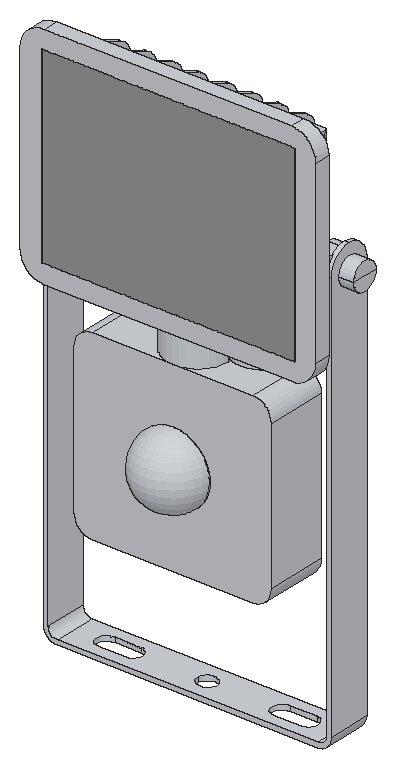
Revit family "00", category Lighting Fixtures, Revit 2017
Family settings
  Round Connector Dimension = Use Diameter
  Part Type = Normal
  OmniClass Number = 23.80.70.00
  OmniClass Title = Lighting
  Work Plane-Based = No
  Always vertical = Yes
  Cut with Voids When Loaded = No
  Light Source = Yes
  Shared = No
  Room Calculation Point = No
Parameters (values of type "0050129 ST FLD FLT IP54 PIR 950LM 830 BK")
  Weight = "2.85 kg"
  Wattage = 10 W
  WarrantyStartDate [instance] = "n/a"
  WarrantyGuarantorParts = "n/a"
  WarrantyDurationUnit = "n/a"
  WarrantyDurationParts = "n/a"
  WarrantyDescription = "n/a"
  built-in parameter 1150110 = 1 (stored number, unit not read)
  Voltage = 0 V
  URL = "http://www.sylvania-lighting.com"
  TypeName = "Start Flood Flat IP54 PIR 950LM 830 Black"
  built-in parameter 1114217 = 1 (stored number, unit not read)
  Tilt Angle = 0.00°
  built-in parameter 1150109 = 1 (stored number, unit not read)
  built-in parameter 1150134 = (empty or 0)
  built-in parameter 1150113 = 1 (stored number, unit not read)
  SerialNumber [instance] = "n/a"
  PowerFactor = 0.9
  PowerConsumption = "10.0 W"
  Photometric Web File = "0050129.ies"
  NominalWidth = 0 mm
  NominalLength = 190 mm
  NominalHeight = 52 mm
  Name = "Start Flood Flat IP54 PIR 950LM 830 Black"
  ModelReference = "Start Flood Flat IP54 PIR 950LM 830 Black"
  ModelNumber = "0050129"
  Model = "Start Flood Flat IP54 PIR 950LM 830 Black"
  Material_4_FEILO = none
  Material_3_FEILO = none
  Material_2_FEILO = Default New Material
  Material_1_FEILO = none
  Material = "n/a"
  ManufacturerName = "Feilo Sylvania"
  Manufacturer = "Feilo Sylvania"
  LuminousEfficacy = "95 lm/W"
  Lumens = 950 lm
  LuminaireType = ""
  built-in parameter 1150115 = 1 (stored number, unit not read)
  built-in parameter 1150105 = -350892 (stored number, unit not read)
  LightOutputRatio = "n/a"
  built-in parameter 1150137 = (empty or 0)
  built-in parameter 1150139 = (empty or 0)
  LampsType = "LED"
  LampNominalLuminous = "950 lm"
  LampMacAdamStep = "5"
  LampColourTemperature = "3000 K"
  LampColourRenderingIndex = "80"
  built-in parameter 1150112 = 1 (stored number, unit not read)
  built-in parameter 1150114 = 1 (stored number, unit not read)
  Lamp = "LED"
  LUM_WIDTH_SYL = if([0_18W_SYL], 57 mm, 48 mm)  # 48 mm
  LUM_HEIGHT_SYL = if([0_18W_SYL], 43 mm, 37 mm)  # 37 mm
  LUM_EXTR_ST_SYL = -5 mm
  LUM_EXTR_END_SYL = 0 mm
  LUM_DEPTH_SYL = 22 mm
  Keynote = "16500"
  InstallationDate [instance] = "n/a"
  InputVoltage = "n/a"
  InputNominalFrequency = "n/a"
  built-in parameter 1150132 = 2
  built-in parameter 1150102 = (empty or 0)
  built-in parameter 1150138 = (empty or 0)
  built-in parameter 1150107 = 3000 (stored number, unit not read)
  IngressProtection = "IP65"
  ImpactProtectionIndex = "IK06"
  built-in parameter 1150106 = -3508.9 (stored number, unit not read)
  IfcExportType = "IfcLightFixtureType"
  IfcExportAs = "IfcLightFixtureType"
  ElectricShockClassification = "Class I"
  built-in parameter 1150104 = 8.8258 (stored number, unit not read)
  DocumentationLiterature = "http://www.sylvania-lighting.com/product/en-int/products/0050129"
  DimmingControlOptions = "n/a"
  Dimming Lamp Color Temperature Shift = <None>
  DIF_WIDTH_SYL = if([0_18W_SYL], 49 mm, 41 mm)  # 41 mm
  DIF_HEIGHT_SYL = if([0_18W_SYL], 36 mm, 31 mm)  # 31 mm
  CreatedOn = "12/2/2020"
  CreatedBy = "@sylvania-lighting.com"
  Color Filter = 16777215
  ClassificationValue = "EF_70_80"
  ClassificationName = "Uniclass2015"
  CABLE_SIDE_DIST_SYL = 28.5 mm
  CABLE_LENGTH_SYL = 5 mm
  CABLE_FRONT_DIST_SYL = 14 mm
  CABLES_DIST_SYL = 39 mm
  BarCode [instance] = "n/a"
  built-in parameter 1114218 = 1 (stored number, unit not read)
  B_RAIL_R_DIST_SYL = 7 mm
  B_RAIL_HEIGHT_SYL = 21 mm
  B_RAIL_DEPTH_SYL = 44 mm
  B_RAIL_CHAMFER_SYL = 7 mm
  BRACKET_HOLDER_WIDTH_SYL = 12 mm
  BRACKET_HOLDER_HEIGHT_SYL = 15 mm
  BRACKET_HOLDER_DIST_SIDE_SYL = 2.8 mm
  BRACKET_HOLDER_DIST_BOTT_SYL = 22 mm
  BRACKET_HOLDER_DEPTH_SYL = 5.7 mm
  BOX_WIDTH_SYL = 36.5 mm
  BOX_TOP_DIST_SYL = 10.5 mm
  BOX_DEPTH_SYL = 13 mm
  BOX_BOTT_DIST_SYL = 28 mm
  BACK_RAIL_WIDTH_SYL = 1.4 mm
  BACK_RAIL_SIDE_DIST_SYL = 17.4 mm
  BACK_PL_EXTR_ST_SYL = -6 mm
  BACK_PL_EXTR_ST(-1)_SYL = BACK_PL_EXTR_ST_SYL * (-1)  # 6 mm
  BACK_PL_EXTR_END_SYL = -3 mm
  BACK_PL_EXTR_END(-1)_SYL = BACK_PL_EXTR_END_SYL * (-1)  # 3 mm
  built-in parameter 1150133 = 10 (stored number, unit not read)
  AssetType = "Fixed"
  AssetIdentifier [instance] = "n/a"
  Assembly Code = "D5020200"
  Apparent Load = 10 VA
  0_18W_SYL = no
Types (4, lengths in mm): name | TypeName | built-in parameter 1150134 | Photometric Web File | Name | ModelReference | ModelNumber | Model | LuminousEfficacy | Lumens | built-in parameter 1150105 | LampNominalLuminous | LampColourTemperature | built-in parameter 1150107 | built-in parameter 1150106 | built-in parameter 1150104 | DocumentationLiterature
  0050132 ST FLD FLT IP54 PIR 1000LM 840 WH | "Start Flood Flat IP54 PIR 1000LM 840 White" | 12 | "0050132.ies" | "Start Flood Flat IP54 PIR 1000LM 840 White" | "Start Flood Flat IP54 PIR 1000LM 840 White" | "0050132" | "Start Flood Flat IP54 PIR 1000LM 840 White" | "100 lm/W" | 1000 lm | -388800 (stored number, unit not read) | "1000 lm" | "4000 K" | 4000 (stored number, unit not read) | -3888 (stored number, unit not read) | 9.2903 (stored number, unit not read) | "http://www.sylvania-lighting.com/product/en-int/products/0050132"
  0050131 ST FLD FLT IP54 PIR 950LM 830 WH | "Start Flood Flat IP54 PIR 950LM 830 White" | (empty or 0) | "0050131.ies" | "Start Flood Flat IP54 PIR 950LM 830 White" | "Start Flood Flat IP54 PIR 950LM 830 White" | "0050131" | "Start Flood Flat IP54 PIR 950LM 830 White" | "95 lm/W" | 950 lm | -350892 (stored number, unit not read) | "950 lm" | "3000 K" | 3000 (stored number, unit not read) | -3508.9 (stored number, unit not read) | 8.8258 (stored number, unit not read) | "http://www.sylvania-lighting.com/product/en-int/products/0050131"
  0050130 ST FLD FLT IP54 PIR 1000LM 840 BK | "Start Flood Flat IP54 PIR 1000LM 840 Black" | 12 | "0050130.ies" | "Start Flood Flat IP54 PIR 1000LM 840 Black" | "Start Flood Flat IP54 PIR 1000LM 840 Black" | "0050130" | "Start Flood Flat IP54 PIR 1000LM 840 Black" | "100 lm/W" | 1000 lm | -388800 (stored number, unit not read) | "1000 lm" | "4000 K" | 4000 (stored number, unit not read) | -3888 (stored number, unit not read) | 9.2903 (stored number, unit not read) | "http://www.sylvania-lighting.com/product/en-int/products/0050130"
  0050129 ST FLD FLT IP54 PIR 950LM 830 BK | "Start Flood Flat IP54 PIR 950LM 830 Black" | (empty or 0) | "0050129.ies" | "Start Flood Flat IP54 PIR 950LM 830 Black" | "Start Flood Flat IP54 PIR 950LM 830 Black" | "0050129" | "Start Flood Flat IP54 PIR 950LM 830 Black" | "95 lm/W" | 950 lm | -350892 (stored number, unit not read) | "950 lm" | "3000 K" | 3000 (stored number, unit not read) | -3508.9 (stored number, unit not read) | 8.8258 (stored number, unit not read) | "http://www.sylvania-lighting.com/product/en-int/products/0050129"
Reference planes
  plane 1 "Light Source Axis (F/B)": y = 0
  plane 2: z = 0
  plane 3 "Light Source Axis (L/R)": x = 0
  plane 4 "Light Source Elevation": z = -0.469
  plane 5: x = 48
  plane 6: x = -48
  plane 7: z = 37
  plane 8: z = -37
  plane 9: x = 41
  plane 10: x = -41
  plane 11: z = 31
  plane 12: z = -31
  plane 13: y = 6
  plane 14: y = 3
  plane 15: x = -36.5
  plane 16: x = 36.5
  plane 17: y = 19
  plane 18: z = 26.5
  plane 19: z = -9
  plane 20: y = 22
  plane 21: z = -15
  plane 22: z = -3
  plane 23: y = 21
  plane 24: x = 45.2
  plane 25: x = 39.5
  plane 26: x = 19.5
  plane 27: x = -19.5
  plane 28: y = 14
  plane 29: z = -42
  plane 30: y = 21
  plane 31: z = 35
  plane 32: z = 28
  plane 33: x = 30.6
  plane 34: x = 29.2
  plane 35: x = 22.2
  plane 36: x = 20.8
  plane 37: x = 13.8
  plane 38: x = 12.4
  plane 39: x = 5.4
  plane 40: x = 4
Forms (mm)
  Extrusion 1, solid
    sketch origin (0, 0, 0) x (1, 0, 0) y (0, 0, 1)
      loop
        arc (-40, 37) -> (-45.657, 34.657) -> (-48, 29) r 8
        line (-48, 29) -> (-48, -29)
        arc (-48, -29) -> (-45.657, -34.657) -> (-40, -37) r 8
        line (-40, -37) -> (40, -37)
        arc (40, -37) -> (45.657, -34.657) -> (48, -29) r 8
        line (48, -29) -> (48, 29)
        arc (48, 29) -> (45.657, 34.657) -> (40, 37) r 8
        line (40, 37) -> (-40, 37)
      loop
        line (-41, 31) -> (-41, -31) -> (41, -31) -> (41, 31) -> (-41, 31)
    from -5 <- "LUM_EXTR_ST_SYL" to 0 <- "LUM_EXTR_END_SYL"
  Extrusion 2, solid, material "Default New Material" <- "Material_2_FEILO"
    sketch origin (0, 0, 0) x (1, 0, 0) y (0, 0, 1)
      loop
        line (-41, 31) -> (-41, -31) -> (41, -31) -> (41, 31) -> (-41, 31)
    from -3 <- "BACK_PL_EXTR_END_SYL" to 0 <- "LUM_EXTR_END_SYL"
  Extrusion 3, solid
    sketch origin (0, 0, 0) x (1, 0, 0) y (0, 0, 1)
      loop
        line (41, 31) -> (-41, 31) -> (-41, -31) -> (41, -31) -> (41, 31)
    from -6 <- "BACK_PL_EXTR_ST_SYL" to -3 <- "BACK_PL_EXTR_END_SYL"
  Extrusion 4, solid
    sketch origin (0, 0, 0) x (1, 0, 0) y (0, 1, 0)
      loop
        arc (-35.5, 19) -> (-36.207, 18.707) -> (-36.5, 18) r 1
        line (-36.5, 18) -> (-36.5, 6) -> (36.5, 6) -> (36.5, 18)
        arc (36.5, 18) -> (36.207, 18.707) -> (35.5, 19) r 1
        line (35.5, 19) -> (-35.5, 19)
    from -9 to 26.5
  Extrusion 5, solid
    sketch origin (0, 0, 0) x (1, 0, 0) y (0, 1, 0)
      loop
        arc (-28.5, 22) -> (-34.157, 19.657) -> (-36.5, 14) r 8
        line (-36.5, 14) -> (-36.5, 6) -> (36.5, 6) -> (36.5, 14)
        arc (36.5, 14) -> (34.157, 19.657) -> (28.5, 22) r 8
        line (28.5, 22) -> (-28.5, 22)
    from -31 to -9
  Extrusion 6, solid
    sketch origin (0, 0, 0) x (0, 1, 0) y (0, 0, 1)
      loop
        line (6, -3) -> (6, -15) -> (15, -15)
        arc (15, -15) -> (19.243, -13.243) -> (21, -9) r 6
        arc (21, -9) -> (19.243, -4.757) -> (15, -3) r 6
        line (15, -3) -> (6, -3)
      loop
        circle (15, -9) r 2.5
    from 39.5 to 45.2
  Extrusion 7, solid
    sketch origin (0, 0, 0) x (0, 1, 0) y (0, 0, -1)
      loop
        line (6, 3) -> (15, 3)
        arc (15, 3) -> (19.243, 4.757) -> (21, 9) r 6
        arc (21, 9) -> (19.243, 13.243) -> (15, 15) r 6
        line (15, 15) -> (6, 15) -> (6, 3)
      loop
        circle (15, 9) r 2.5
    from 39.5 to 45.2
  Extrusion 8, solid
    sketch origin (0, 0, 0) x (1, 0, 0) y (0, 1, 0)
      loop
        circle (-19.5, 14) r 7
      loop
        circle (19.5, 14) r 9
    from -42 to -31
  Extrusion 9, solid
    sketch origin (0, 0, 0) x (0, 1, 0) y (0, 0, 1)
      loop
        line (5, -9) -> (21, -9) -> (21, 24.73)
        arc (21, 24.73) -> (20.185, 27.467) -> (18.004, 29.311) r 5
        line (18.004, 29.311) -> (5, 35) -> (5, 28) -> (5, -9)
    from 29.2 to 30.6
  Extrusion 10, solid
    sketch origin (-1.583, 0.014, 0) x (0, 1, 0) y (0, 0, 1)
      loop
        line (5, -9) -> (21, -9) -> (21, 24.73)
        arc (21, 24.73) -> (20.185, 27.467) -> (18.004, 29.311) r 5
        line (18.004, 29.311) -> (5, 35) -> (5, 28) -> (5, -9)
    from 22.383 to 23.783
  Extrusion 11, solid
    sketch origin (-1.583, 0.014, 0) x (0, 1, 0) y (0, 0, 1)
      loop
        line (5, -9) -> (21, -9) -> (21, 24.73)
        arc (21, 24.73) -> (20.185, 27.467) -> (18.004, 29.311) r 5
        line (18.004, 29.311) -> (5, 35) -> (5, 28) -> (5, -9)
    from 5.583 to 6.983
  Extrusion 12, solid
    sketch origin (-1.583, 0.014, 0) x (0, 1, 0) y (0, 0, 1)
      loop
        line (5, -9) -> (21, -9) -> (21, 24.73)
        arc (21, 24.73) -> (20.185, 27.467) -> (18.004, 29.311) r 5
        line (18.004, 29.311) -> (5, 35) -> (5, 28) -> (5, -9)
    from 13.983 to 15.383
  Extrusion 13, solid
    sketch origin (0, 0, 0) x (0, 1, 0) y (0, 0, -1)
      loop
        line (5, 9) -> (5, -28) -> (5, -35) -> (18.004, -29.311)
        arc (18.004, -29.311) -> (20.185, -27.467) -> (21, -24.73) r 5
        line (21, -24.73) -> (21, 9) -> (5, 9)
    from 29.2 to 30.6
  Extrusion 14, solid
    sketch origin (1.583, 0.014, 0) x (0, 1, 0) y (0, 0, -1)
      loop
        line (5, 9) -> (5, -28) -> (5, -35) -> (18.004, -29.311)
        arc (18.004, -29.311) -> (20.185, -27.467) -> (21, -24.73) r 5
        line (21, -24.73) -> (21, 9) -> (5, 9)
    from 22.383 to 23.783
  Extrusion 15, solid
    sketch origin (1.583, 0.014, 0) x (0, 1, 0) y (0, 0, -1)
      loop
        line (5, 9) -> (5, -28) -> (5, -35) -> (18.004, -29.311)
        arc (18.004, -29.311) -> (20.185, -27.467) -> (21, -24.73) r 5
        line (21, -24.73) -> (21, 9) -> (5, 9)
    from 13.983 to 15.383
  Extrusion 16, solid
    sketch origin (1.583, 0.014, 0) x (0, 1, 0) y (0, 0, -1)
      loop
        line (5, 9) -> (5, -28) -> (5, -35) -> (18.004, -29.311)
        arc (18.004, -29.311) -> (20.185, -27.467) -> (21, -24.73) r 5
        line (21, -24.73) -> (21, 9) -> (5, 9)
    from 5.583 to 6.983
Cuts and joins
  joined: Extrusion 1, Extrusion 3, Extrusion 4, Extrusion 5
Dimensions and locks
  "LUM_WIDTH_SYL": plane 5 to plane 3 "Light Source Axis (L/R)" to plane 6
  "LUM_HEIGHT_SYL": plane 7 to plane 2 to plane 8
  "DIF_WIDTH_SYL": plane 9 to plane 3 "Light Source Axis (L/R)" to plane 10
  "DIF_HEIGHT_SYL": plane 11 to plane 2 to plane 12
  "BACK_PL_EXTR_ST(-1)_SYL": plane 1 "Light Source Axis (F/B)" to plane 13
  "BACK_PL_EXTR_END(-1)_SYL": plane 1 "Light Source Axis (F/B)" to plane 14
  "BOX_WIDTH_SYL": plane 15 to plane 3 "Light Source Axis (L/R)" to plane 16
  "BOX_DEPTH_SYL": plane 13 to plane 17
  "BOX_TOP_DIST_SYL": plane 18 to plane 7
  "BOX_BOTT_DIST_SYL": plane 8 to plane 19
  "LUM_DEPTH_SYL": plane 1 "Light Source Axis (F/B)" to plane 20
  "BRACKET_HOLDER_DIST_BOTT_SYL": plane 21 to plane 8
  "BRACKET_HOLDER_WIDTH_SYL": plane 22 to plane 21
  "BRACKET_HOLDER_HEIGHT_SYL": cut or joined group of Extrusion 1, Extrusion 3, Extrusion 4, Extrusion 5 to plane 23
  "BRACKET_HOLDER_DIST_SIDE_SYL": cut or joined group of Extrusion 1, Extrusion 3, Extrusion 4, Extrusion 5 to plane 24
  "BRACKET_HOLDER_DEPTH_SYL": plane 25 to plane 24
  "CABLES_DIST_SYL": plane 27 to plane 26
  "CABLE_SIDE_DIST_SYL": plane 26 to plane 5
  "CABLE_FRONT_DIST_SYL": cut or joined group of Extrusion 1, Extrusion 3, Extrusion 4, Extrusion 5 to plane 28
  "CABLE_LENGTH_SYL": plane 29 to cut or joined group of Extrusion 1, Extrusion 3, Extrusion 4, Extrusion 5
  "B_RAIL_HEIGHT_SYL": plane 30 to plane 1 "Light Source Axis (F/B)"
  "B_RAIL_DEPTH_SYL": plane 31 to plane 19
  "B_RAIL_CHAMFER_SYL": plane 31 to plane 32
  "BACK_RAIL_SIDE_DIST_SYL": plane 5 to plane 33
  "BACK_RAIL_WIDTH_SYL": plane 33 to plane 34
  "B_RAIL_R_DIST_SYL": plane 34 to plane 35
  "B_RAIL_R_DIST_SYL": plane 36 to plane 37
  "BACK_RAIL_WIDTH_SYL": plane 37 to plane 38
  "BACK_RAIL_WIDTH_SYL": plane 39 to plane 40
  "B_RAIL_R_DIST_SYL": plane 38 to plane 39
  aligned and locked: plane 3 "Light Source Axis (L/R)" to imposter light
  aligned and locked: plane 4 "Light Source Elevation" to imposter light
  aligned and locked: level to plane 2
  aligned and locked: Extrusion 1 sketch curve to plane 7
  aligned and locked: plane 6 to Extrusion 1 sketch curve
  aligned and locked: plane 8 to Extrusion 1 sketch curve
  aligned and locked: Extrusion 1 sketch curve to plane 5
  aligned and locked: Extrusion 1 sketch curve to plane 11
  aligned and locked: plane 10 to Extrusion 1 sketch curve
  aligned and locked: plane 12 to Extrusion 1 sketch curve
  aligned and locked: Extrusion 1 sketch curve to plane 9
  aligned and locked: Extrusion 2 sketch curve to Extrusion 1  (x4)
  aligned and locked: Extrusion 3 sketch curve to Extrusion 1  (x4)
  aligned and locked: Extrusion 3 to Extrusion 2
  aligned and locked: plane 17 to Extrusion 4 sketch curve
  aligned and locked: plane 15 to Extrusion 4 sketch curve
  aligned and locked: Extrusion 4 sketch curve to plane 13
  aligned and locked: Extrusion 4 sketch curve to plane 16
  aligned and locked: plane 18 to Extrusion 4
  aligned and locked: Extrusion 4 to plane 19
  aligned and locked: plane 20 to Extrusion 5 sketch curve
  aligned and locked: plane 15 to Extrusion 5 sketch curve
  aligned and locked: cut or joined group of Extrusion 1, Extrusion 3, Extrusion 4, Extrusion 5 to Extrusion 5 sketch curve
  aligned and locked: Extrusion 5 sketch curve to cut or joined group of Extrusion 1, Extrusion 3, Extrusion 4, Extrusion 5
  aligned and locked: plane 19 to Extrusion 5
  aligned and locked: Extrusion 5 to plane 12
  aligned and locked: Extrusion 6 sketch curve to plane 22
  aligned and locked: Extrusion 6 sketch curve to plane 13
  aligned and locked: plane 21 to Extrusion 6 sketch curve
  aligned and locked: plane 25 to Extrusion 6
  aligned and locked: Extrusion 6 to plane 24
  aligned and locked: Extrusion 8 to Extrusion 2
  aligned and locked: Extrusion 8 to plane 29
  aligned and locked: cut or joined group of Extrusion 1, Extrusion 3, Extrusion 4, Extrusion 5 to Extrusion 9 sketch curve
  aligned and locked: Extrusion 9 sketch curve to Extrusion 6  (x2)
  aligned and locked: plane 33 to Extrusion 9
  aligned and locked: Extrusion 9 to plane 34
  aligned and locked: plane 35 to Extrusion 10
  aligned and locked: Extrusion 10 to plane 36
  aligned and locked: Extrusion 11 to plane 40
  aligned and locked: plane 39 to Extrusion 11
  aligned and locked: Extrusion 12 to plane 38
  aligned and locked: plane 37 to Extrusion 12
Automatic sketch dimensions
  plane 10 to Extrusion 1 sketch curve = 1 mm  (x2)
  Extrusion 1 sketch curve to plane 25 = 0.5 mm  (x2)
  plane 15 to Extrusion 4 sketch curve = 1 mm
  Extrusion 4 sketch curve to plane 16 = 1 mm
  Extrusion 5 sketch curve to plane 15 = 0 mm
  Extrusion 5 sketch curve to plane 28 = 0 mm  (x2)
  Extrusion 6 sketch curve to Extrusion 6 sketch curve = 0 mm  (x5)
  Extrusion 6 sketch curve to plane 23 = 0 mm
  Extrusion 7 sketch curve to Extrusion 7 sketch curve = 0 mm  (x6)
  Extrusion 7 sketch curve to plane 13 = 0 mm
  Extrusion 7 sketch curve to plane 21 = 0 mm
  Extrusion 7 sketch curve to plane 22 = 0 mm
  Extrusion 7 sketch curve to plane 23 = 0 mm
  Extrusion 8 sketch curve to plane 27 = 0 mm
  Extrusion 8 sketch curve to plane 26 = 0 mm
  Extrusion 8 sketch curve to plane 28 = 0 mm  (x2)
  Extrusion 9 sketch curve to plane 32 = 0 mm
  Extrusion 9 sketch curve to plane 31 = 0 mm
  plane 28 to Extrusion 9 sketch curve = 2 mm
  plane 17 to Extrusion 9 sketch curve = 0.996 mm
  plane 19 to Extrusion 10 sketch curve = 0 mm
  plane 13 to Extrusion 10 sketch curve = 0.986 mm
  plane 28 to Extrusion 10 sketch curve = 2.014 mm
  plane 17 to Extrusion 10 sketch curve = 0.982 mm
  Extrusion 10 sketch curve to plane 23 = 0.014 mm
  Extrusion 10 sketch curve to plane 18 = 1.77 mm
  plane 32 to Extrusion 10 sketch curve = 0 mm
  plane 19 to Extrusion 11 sketch curve = 0 mm
  plane 13 to Extrusion 11 sketch curve = 0.986 mm
  plane 28 to Extrusion 11 sketch curve = 2.014 mm
  plane 17 to Extrusion 11 sketch curve = 0.982 mm
  Extrusion 11 sketch curve to plane 23 = 0.014 mm
  Extrusion 11 sketch curve to plane 18 = 1.77 mm
  plane 32 to Extrusion 11 sketch curve = 0 mm
  plane 19 to Extrusion 12 sketch curve = 0 mm
  plane 13 to Extrusion 12 sketch curve = 0.986 mm
  plane 28 to Extrusion 12 sketch curve = 2.014 mm
  plane 17 to Extrusion 12 sketch curve = 0.982 mm
  Extrusion 12 sketch curve to plane 23 = 0.014 mm
  Extrusion 12 sketch curve to plane 18 = 1.77 mm
  plane 32 to Extrusion 12 sketch curve = 0 mm
  Extrusion 13 sketch curve to plane 19 = 0 mm
  Extrusion 13 sketch curve to plane 32 = 0 mm
  Extrusion 13 sketch curve to plane 31 = 0 mm
  Extrusion 13 sketch curve to plane 23 = 0 mm
  plane 17 to Extrusion 13 sketch curve = 0.996 mm
  Extrusion 13 sketch curve to plane 18 = 1.77 mm
  Extrusion 13 sketch curve to Extrusion 13 sketch curve = 2.004 mm
  plane 19 to Extrusion 14 sketch curve = 0 mm
  plane 13 to Extrusion 14 sketch curve = 0.986 mm
  plane 28 to Extrusion 14 sketch curve = 2.014 mm
  plane 17 to Extrusion 14 sketch curve = 0.982 mm
  Extrusion 14 sketch curve to plane 23 = 0.014 mm
  Extrusion 14 sketch curve to plane 18 = 1.77 mm
  plane 32 to Extrusion 14 sketch curve = 0 mm
  plane 19 to Extrusion 15 sketch curve = 0 mm
  plane 13 to Extrusion 15 sketch curve = 0.986 mm
  plane 28 to Extrusion 15 sketch curve = 2.014 mm
  plane 17 to Extrusion 15 sketch curve = 0.982 mm
  Extrusion 15 sketch curve to plane 23 = 0.014 mm
  Extrusion 15 sketch curve to plane 18 = 1.77 mm
  plane 32 to Extrusion 15 sketch curve = 0 mm
  plane 19 to Extrusion 16 sketch curve = 0 mm
  plane 13 to Extrusion 16 sketch curve = 0.986 mm
  plane 28 to Extrusion 16 sketch curve = 2.014 mm
  plane 17 to Extrusion 16 sketch curve = 0.982 mm
  Extrusion 16 sketch curve to plane 23 = 0.014 mm
  Extrusion 16 sketch curve to plane 18 = 1.77 mm
  plane 32 to Extrusion 16 sketch curve = 0 mm
  radius of Extrusion 6 sketch curve = 2.5 mm
  radius of Extrusion 7 sketch curve = 2.5 mm
  radius of Extrusion 8 sketch curve = 7 mm
  radius of Extrusion 8 sketch curve = 9 mm
Nested families
  nested 1: "START Flood Flat - 9W_bracket - PIR" at (0.801, 14.938, -108.511), type "START Flood Flat - 9W_bracket - PIR"
  nested 2: "bolt" at (46.701, 14.996, -8.984), type "bolt"
  nested 3: "bolt" at (-46.699, 15.001, -8.984) x (-1, 0, 0) z (0, 0, 1), type "bolt"
  nested 4: "PIR" at (0, 1.945, -77.05) x (-1, 0, 0) z (0, 0, 1), type "PIR"
Definition of nested family "START Flood Flat - 9W_bracket - PIR"
  Parameters (values of type "START Flood Flat - 9W_bracket - PIR")
    WIDTH_SYL = 93.4 mm
    THICKNESS_SYL = 1.5 mm
    Material_4_SYL = none
    Material_3_SYL = none
    Material_2_SYL = none
    Material_1_SYL = none
    HOLE_DIST_SYL = 8.5 mm
    HOLE2_DIST_SYL = 8 mm
    HEIGHT_SYL = 145 mm
    FILLET_SYL = 7 mm
    DEPTH_2_SYL = -7 mm
    DEPTH_1_SYL = 7 mm
    CUTOUT_DIST_SYL = 24.2 mm
  Reference planes
    plane 1 "Center (Front/Back)": y = 0
    plane 2: z = 0
    plane 3 "Center (Left/Right)": x = 0
    plane 4: x = -47.5
    plane 5: x = 45.9
    plane 6: z = -37.5
    plane 7: z = 107.5
    plane 8: x = -46
    plane 9: z = -36
    plane 10: x = 44.4
    plane 11: z = 99.5
    plane 12: z = 100.5
    plane 13: x = 24.2
    plane 14: x = -24.2
    plane 15: x = 32.7
    plane 16: x = -32.7
  Forms (mm)
    Extrusion 1, solid
      sketch origin (0, 0, 0) x (1, 0, 0) y (0, 0, 1)
        loop
          arc (-47.5, -33) -> (-46.182, -36.182) -> (-43, -37.5) r 4.5
          line (-43, -37.5) -> (41.4, -37.5)
          arc (41.4, -37.5) -> (44.582, -36.182) -> (45.9, -33) r 4.5
          line (45.9, -33) -> (45.9, 107.5) -> (44.4, 107.5) -> (44.4, -33)
          arc (44.4, -33) -> (43.521, -35.121) -> (41.4, -36) r 3
          line (41.4, -36) -> (-43, -36)
          arc (-43, -36) -> (-45.121, -35.121) -> (-46, -33) r 3
          line (-46, -33) -> (-46, 107.5) -> (-47.5, 107.5) -> (-47.5, -33)
      from -7 <- "DEPTH_2_SYL" to 7 <- "DEPTH_1_SYL"
    Extrusion 2, void
      sketch origin (0, 0, 0) x (0, 1, 0) y (0, 0, 1)
        loop
          circle (0, 99.5) r 3.15
      from -47.5 to 45.9
    Extrusion 3, void
      sketch origin (0, 0, 0) x (0, 1, 0) y (0, 0, 1)
        loop
          line (7, 100.5) -> (14.83, 113.08) -> (-15.17, 113.08) -> (-7, 100.5)
          arc (-7, 100.5) -> (-4.95, 105.45) -> (0, 107.5) r 7
          arc (0, 107.5) -> (4.95, 105.45) -> (7, 100.5) r 7
      from -47.5 to 45.9
    Extrusion 4, void
      sketch origin (0, 0, 0) x (1, 0, 0) y (0, 1, 0)
        loop
          circle (0, 0) r 3.25
        loop
          arc (-32.7, 3.25) -> (-35.95, 0) -> (-32.7, -3.25) r 3.25
          line (-32.7, -3.25) -> (-24.2, -3.25)
          arc (-24.2, -3.25) -> (-20.95, 0) -> (-24.2, 3.25) r 3.25
          line (-24.2, 3.25) -> (-32.7, 3.25)
        loop
          line (24.2, -3.25) -> (32.7, -3.25)
          arc (32.7, -3.25) -> (35.95, 0) -> (32.7, 3.25) r 3.25
          line (32.7, 3.25) -> (24.2, 3.25)
          arc (24.2, 3.25) -> (20.95, 0) -> (24.2, -3.25) r 3.25
      from -54.767 to -28.006
  Cuts and joins
    Extrusion 2, Extrusion 3, Extrusion 4 cuts Extrusion 1
  Dimensions and locks
    "THICKNESS_SYL": plane 8 to plane 4
    "THICKNESS_SYL": plane 5 to plane 10
    "WIDTH_SYL": plane 5 to plane 4
    "HEIGHT_SYL": plane 7 to plane 6
    "FILLET_SYL": plane 7 to plane 12
    "CUTOUT_DIST_SYL": plane 14 to plane 3 "Center (Left/Right)" to plane 13
    "HOLE_DIST_SYL": plane 16 to plane 14
    "HOLE_DIST_SYL": plane 13 to plane 15
    "HOLE2_DIST_SYL": plane 7 to plane 11
    aligned and locked: level to plane 2
    aligned and locked: plane 4 to Extrusion 1 sketch curve
    aligned and locked: plane 6 to Extrusion 1 sketch curve
    aligned and locked: Extrusion 1 sketch curve to plane 5
    aligned and locked: plane 8 to Extrusion 1 sketch curve
    aligned and locked: plane 9 to Extrusion 1 sketch curve
    aligned and locked: Extrusion 1 sketch curve to plane 10
    aligned and locked: plane 7 to Extrusion 1 sketch curve  (x2)
    aligned and locked: Extrusion 1 to Extrusion 2  (x2)
    aligned and locked: Extrusion 1 to Extrusion 3
    aligned and locked: Extrusion 3 to Extrusion 1
  Automatic sketch dimensions
    Extrusion 1 sketch curve to Extrusion 1 sketch curve = 0 mm
    plane 8 to Extrusion 1 sketch curve = 3 mm
    Extrusion 1 sketch curve to plane 10 = 3 mm
    Extrusion 1 sketch curve to Extrusion 1 sketch curve = 3 mm
    Extrusion 2 sketch curve to plane 1 "Center (Front/Back)" = 0 mm
    Extrusion 2 sketch curve to plane 11 = 0 mm
    Extrusion 3 sketch curve to Extrusion 3 sketch curve = 0 mm
    Extrusion 3 sketch curve to plane 12 = 0 mm
    Extrusion 3 sketch curve to plane 1 "Center (Front/Back)" = 0 mm
    Extrusion 3 sketch curve to plane 7 = 0 mm
    Extrusion 3 sketch curve to Extrusion 3 sketch curve = 8.17 mm
    plane 7 to Extrusion 3 sketch curve = 5.58 mm
    Extrusion 3 sketch curve to Extrusion 3 sketch curve = 7.83 mm
    plane 1 "Center (Front/Back)" to Extrusion 4 sketch curve = 0 mm  (x3)
    Extrusion 4 sketch curve to plane 16 = 0 mm
    Extrusion 4 sketch curve to plane 14 = 0 mm
    Extrusion 4 sketch curve to plane 3 "Center (Left/Right)" = 0 mm
    Extrusion 4 sketch curve to plane 13 = 0 mm
    Extrusion 4 sketch curve to plane 15 = 0 mm
    plane 1 "Center (Front/Back)" to Extrusion 4 sketch curve = 3.25 mm  (x2)
    radius of Extrusion 2 sketch curve = 3.15 mm
    radius of Extrusion 4 sketch curve = 3.25 mm
Definition of nested family "bolt"
  Parameters (values of type "bolt")
    Material_4_SYL = none
    Material_3_SYL = none
    Material_2_SYL = none
    Material_1_SYL = none
  Reference planes
    plane 1 "Center (Front/Back)": y = 0
    plane 2: z = 0
    plane 3 "Center (Left/Right)": x = 0
    plane 4: x = 5
    plane 5: x = -10
    plane 6: y = 2.5
    plane 7: y = -2.5
    plane 8: y = 4.5
    plane 9: y = -4.5
  Forms (mm)
    Revolve 1, solid
      sketch origin (0, 0, 0) x (1, 0, 0) y (0, 1, 0)
        loop
          line (5, 0) -> (-10, 0) -> (-10, -2.5) -> (0, -2.5) -> (0, -4.5) -> (5, -4.5) -> (5, 0)
        axis (5, 0) -> (-10, 0)
      angle from 0 to 360
  Dimensions and locks
    aligned and locked: level to plane 2
Definition of nested family "PIR"
  Parameters (values of type "PIR")
    Material_4_SYL = none
    Material_3_SYL = none
    Material_2_SYL = none
    Material_1_SYL = none
  Reference planes
    plane 1 "Center (Front/Back)": y = 0
    plane 2: z = 0
    plane 3 "Center (Left/Right)": x = 0
    plane 4: z = -30
    plane 5: z = 30
    plane 6: x = 32
    plane 7: x = -32
    plane 8: x = 12
    plane 9: z = 12
    plane 10: z = -12
    plane 11: z = 46
    plane 12: x = 10
    plane 13: y = -10
  Forms (mm)
    Extrusion 1, solid
      sketch origin (0, 0, 0) x (1, 0, 0) y (0, 0, 1)
        loop
          arc (-26, 30) -> (-30.243, 28.243) -> (-32, 24) r 6
          line (-32, 24) -> (-32, -24)
          arc (-32, -24) -> (-30.243, -28.243) -> (-26, -30) r 6
          line (-26, -30) -> (26, -30)
          arc (26, -30) -> (30.243, -28.243) -> (32, -24) r 6
          line (32, -24) -> (32, 24)
          arc (32, 24) -> (30.243, 28.243) -> (26, 30) r 6
          line (26, 30) -> (-26, 30)
      from 0 to 20
    Revolve 2, solid
      sketch origin (0, 0, 0) x (1, 0, 0) y (0, 0, 1)
        loop
          line (0, 12) -> (0, -12)
          arc (0, -12) -> (12, 0) -> (0, 12) r 12
        axis (0, 12) -> (0, -12)
      angle from 0 to 360
    Extrusion 3, solid
      sketch origin (0, 0, 0) x (1, 0, 0) y (0, 1, 0)
        loop
          circle (0, -10) r 10
      from 30 to 46
  Dimensions and locks
    aligned and locked: level to plane 2
    aligned and locked: Extrusion 1 sketch curve to plane 5
    aligned and locked: plane 7 to Extrusion 1 sketch curve
    aligned and locked: plane 4 to Extrusion 1 sketch curve
    aligned and locked: Extrusion 1 sketch curve to plane 6
    aligned and locked: plane 3 "Center (Left/Right)" to Revolve 2 sketch curve
    aligned and locked: plane 10 to Revolve 2 sketch curve
    aligned and locked: Revolve 2 sketch curve to plane 3 "Center (Left/Right)"
    aligned and locked: plane 11 to Extrusion 3
    aligned and locked: Extrusion 3 to plane 5
